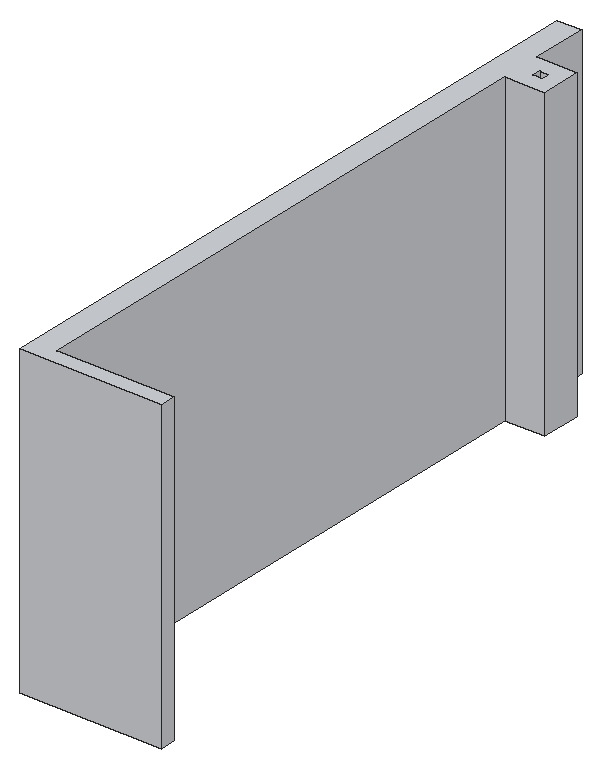
Revit family "KLS - bed", category Generic Models, host Face, Revit 2014
Parameters
  thickness around hole = 50 mm
  material_wood = none
  length to wall = 180 mm
  leg thickness = 50 mm
  hole = 30 mm
  bed width = 1000 mm
  bed thickness = 80 mm
  bed length = 2000 mm
  bed hight from hole = 330 mm
  bed hight [instance] = bed hight from hole + 130 mm  # 460 mm
  Default Elevation = 1219.2 mm
Reference planes
  plane 1 "Center (Front/Back)": y = 0
  plane 2: z = 0
  plane 3 "Center (Left/Right)": x = 0
  plane 4: x = -130
  plane 5: x = -50
  plane 6: y = -1950
  plane 7: y = 50
  plane 8: y = -30
  plane 9: y = -80
  plane 10: y = -1900
  plane 11: x = 330
  plane 12: x = 30
  plane 13: x = 80
  plane 14: y = 230
  plane 15: z = 1000
Forms (mm)
  Extrusion 1, solid, material <- "material_wood"
    sketch origin (0, 0, 0) x (1, 0, 0) y (0, 1, 0)
      loop
        line (-50, 50) -> (-50, 230) -> (-130, 230) -> (-130, -1950) -> (330, -1950) -> (330, -1900) -> (-50, -1900) -> (-50, -80) -> (80, -80) -> (80, 50) -> (-50, 50)
      loop
        line (0, 0) -> (0, -30) -> (30, -30) -> (30, 0) -> (0, 0)
    from 0 to 1000
Dimensions and locks
  "hole": plane 8 to plane 1 "Center (Front/Back)"
  "hole": plane 3 "Center (Left/Right)" to plane 12
  "thickness around hole": plane 8 to plane 9
  "thickness around hole": plane 7 to plane 1 "Center (Front/Back)"
  "thickness around hole": plane 12 to plane 13
  "thickness around hole": plane 5 to plane 3 "Center (Left/Right)"
  "bed thickness": plane 4 to plane 5
  "length to wall": plane 14 to plane 7
  "bed length": plane 7 to plane 6
  "leg thickness": plane 10 to plane 6
  "bed hight": plane 4 to plane 11
  "bed hight from hole": plane 3 "Center (Left/Right)" to plane 11
  "bed width": plane 15 to level
  aligned and locked: plane 2 to host face
  aligned and locked: level to host face
  aligned and locked: Extrusion 1 sketch curve to plane 10
  aligned and locked: Extrusion 1 sketch curve to plane 6
  aligned and locked: Extrusion 1 sketch curve to plane 11
  aligned and locked: Extrusion 1 sketch curve to plane 4
  aligned and locked: Extrusion 1 sketch curve to plane 5
  aligned and locked: Extrusion 1 sketch curve to plane 7
  aligned and locked: Extrusion 1 sketch curve to plane 13
  aligned and locked: plane 9 to Extrusion 1 sketch curve
  aligned and locked: plane 1 "Center (Front/Back)" to Extrusion 1 sketch curve
  aligned and locked: plane 3 "Center (Left/Right)" to Extrusion 1 sketch curve
  aligned and locked: plane 8 to Extrusion 1 sketch curve
  aligned and locked: plane 12 to Extrusion 1 sketch curve
  aligned and locked: plane 14 to Extrusion 1 sketch curve
  aligned and locked: plane 5 to Extrusion 1 sketch curve
  aligned and locked: plane 15 to Extrusion 1
Automatic sketch dimensions
  host sketch curve to host sketch curve = 2438.4 mm  (x2)
